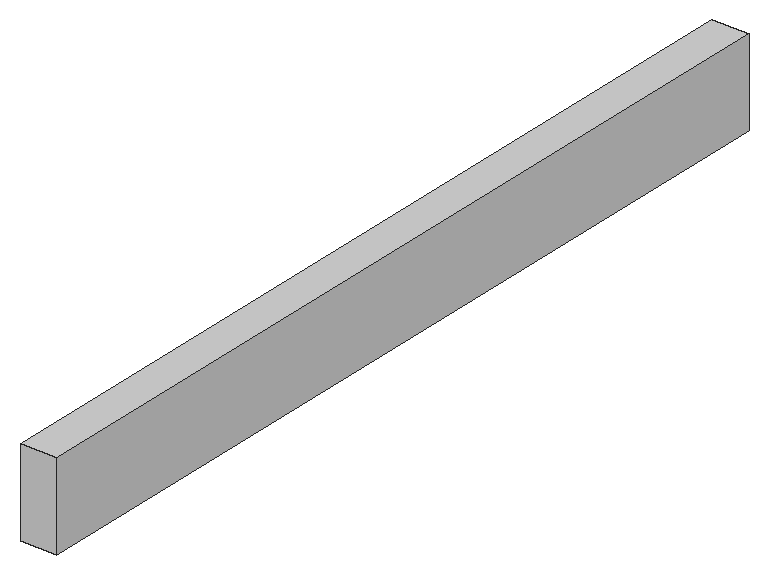
Revit family "ORMA_COMPENSATION TUBE 1,2_1900217", category Generic Models, Revit 2018
Family settings
  Can host rebar = No
  Round Connector Dimension = Use Diameter
  Part Type = Normal
  OmniClass Number = 35.51.14.00
  OmniClass Title = FORMWORK
  Work Plane-Based = Yes
  Always vertical = No
  Cut with Voids When Loaded = No
  Shared = Yes
  Room Calculation Point = No
Parameters
  VERSION = "20190101"  # constant formula
  URL = "www.ulmaconstruction.com/en"
  UNICLASS = ""
  ITEM_CODE = "1900217"
  Manufacturer = "ULMA CONSTRUCTION"  # constant formula
  FILTER [instance] = ""
  Default Elevation = 0.000 mm
  CLASSIFICATION_TITLE = ""
  CLASSIFICATION_NUMBER = ""
Reference planes
  plane 1 "Centro (Frontal/Posterior)": y = 0
  plane 2: z = 0
  plane 3 "Centro (Izquierda/Derecha)": x = 0
  plane 4 "ITEM_HEIGHT": y = 1200
  plane 5 "HOLES": z = -35
  plane 6 "HOLE 1": y = 180
  plane 7 "HOLE 2": y = 450
  plane 8 "HOLE 3": y = 750
  plane 9 "HOLE 4": y = 1020
  plane 10 "TIE HOLE 3": y = 50
  plane 11 "TIE HOLE 1": y = 640
Forms (mm)
  Extrusion 1, solid, material "ULMA ZINC"
    sketch origin (0, 0, -120) x (1, 0, 0) y (0, 0, 1)
      loop
        line (0, 0) -> (50, 0) -> (50, 120) -> (0, 120) -> (0, 0)
    from 0 to -1200
Lines and regions (mm)
  model lines, style "ULMA PANELS", detail levels fine
    curve 1: circle (25, 50, -120) r 13 normal (0, 0, 1)
    curve 2: arc (38, 74.5, 0) -> (25, 87.5, 0) -> (12, 74.5, 0) r 13
    curve 3: line (12, 74.5, 0) -> (12, 25.552, 0)
    curve 4: arc (12, 25.552, 0) -> (24.974, 12.5, 0) -> (38, 25.5, 0) r 13
    curve 5: line (38, 25.5, 0) -> (38, 74.5, 0)
    curve 6: arc (38.002, 701.998, 0) -> (24.907, 714.999, 0) -> (12.001, 701.81, 0) r 13.001
    curve 7: line (12.001, 701.81, 0) -> (12.001, 578, 0)
    curve 8: arc (12.001, 578, 0) -> (25.002, 564.999, 0) -> (38.002, 578, 0) r 13.001
    curve 9: line (38.002, 578, 0) -> (38.002, 701.998, 0)
    curve 10: circle (25, 640, -120) r 13 normal (0, 0, 1)
    curve 12: circle (0, 450, -35) r 10 normal (1, 0, 0)
    curve 13: circle (0, 750, -35) r 10 normal (1, 0, 0)
    curve 14: circle (0, 1020, -35) r 10 normal (1, 0, 0)
    curve 16: circle (50, 450, -35) r 10 normal (1, 0, 0)
    curve 17: circle (50, 750, -35) r 10 normal (1, 0, 0)
    curve 18: circle (50, 1020, -35) r 10 normal (1, 0, 0)
  model lines
    curve 11: circle (0, 180, -35) r 10 normal (1, 0, 0)
    curve 15: circle (50, 180, -35) r 10 normal (1, 0, 0)
Dimensions and locks
  locked: plane 1 "Centro (Frontal/Posterior)" to plane 4 "ITEM_HEIGHT" at 1200
  aligned and locked: level to plane 2
  aligned and locked: plane 4 "ITEM_HEIGHT" to Extrusion 1
